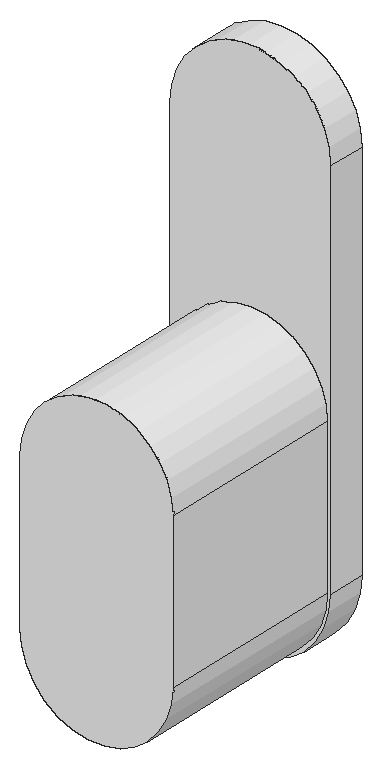
Revit family "rba-bim-rba1631-100", category Plumbing Fixtures, Revit 2016
Family settings
  Part Type = Normal
  Round Connector Dimension = Use Diameter
  Work Plane-Based = No
  Always vertical = No
  Cut with Voids When Loaded = No
  Shared = Yes
  Room Calculation Point = No
Parameters (values of type "RBA1631-100")
  Watermarked By = "www.rba.com.au"
  Waste Connection = yes
  Vent Connection = yes
  URL = ""
  Phone Number = "1300 788 778"
  Modified Issue = "20190220.01"
  Model = "RBA1631-100"
  Materials and Finishes = Heavy Duty Brass in a Bright Chrome Finish
  Manufacturer Model = ""
  Manufacturer = "RBA Group"  # constant formula
  HW Connection = yes
  Description = "ōken Robe Hook"
  Copyright by = "RBA Group"  # constant formula
  CW Connection = yes
Reference planes
  plane 1 "Center (Front/Back)": y = 0
  plane 2: z = 0
  plane 3 "Center (Left/Right)": x = 0
  plane 4: z = 71
  plane 5: z = 0.5
  plane 6: z = 40.5
Forms (mm)
  Extrusion 1, solid, material "Heavy Duty Brass in a Bright Chrome Finish" <- "Materials and Finishes"
    sketch origin (0, 0, 35.5) x (0, 0, 1) y (-1, 0, 0)
      loop
        line (25, 10.5) -> (-25, 10.5)
        arc (-25, 10.5) -> (-35.5, 0) -> (-25, -10.5) r 10.5
        line (-25, -10.5) -> (25, -10.5)
        arc (25, -10.5) -> (35.5, 0) -> (25, 10.5) r 10.5
    from 0 to 5
  Extrusion 2, solid, material "Heavy Duty Brass in a Bright Chrome Finish" <- "Materials and Finishes"
    sketch origin (0, 0, 35.5) x (0, 0, 1) y (-1, 0, 0)
      loop
        line (-5, 10) -> (-25, 10)
        arc (-25, 10) -> (-35, 0) -> (-25, -10) r 10
        line (-25, -10) -> (-5, -10)
        arc (-5, -10) -> (5, 0) -> (-5, 10) r 10
    from 5 to 30
Dimensions and locks
  aligned and locked: plane 2 to level
